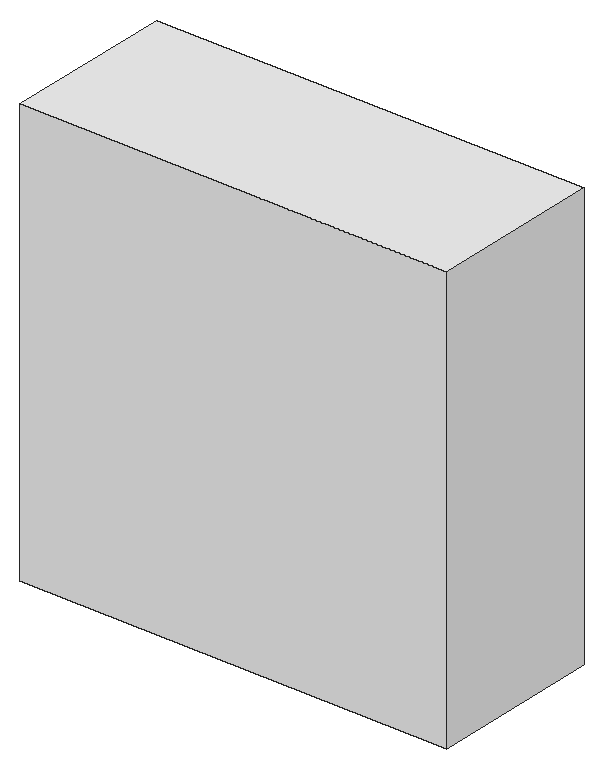
Revit family "47b5d23a47a94e9b80b601367016ffd9", category Casework, host Wall, Revit 2021
Family settings
  Host = Wall
  OmniClass Number = 23.40.35.17.47.11
  OmniClass Title = Kitchen Casework
  Seek Item ID = Upper Cabinet-Double Door w Glass-Wall-0000-USA-ENU
  Always vertical = Yes
  Cut with Voids When Loaded = No
  Shared = No
  Room Calculation Point = No
Parameters (values of type "30"")
  Default Elevation = 0' - 0"
  Assembly Code = "C1030410"
  Cabinet Material = none
  Depth = 1' - 0"
  Door/Drawer Material = none
  Handle Material = Cabinets - Handles
  Height = 2' - 6"
  Panel Material = Glass
  Top Of Cabinet = 7' - 0"
  Width = 2' - 6"
Types (6): name | Panel Material | Width
  (no name) | Glass | 2' - 6"
  42" | Glass | 3' - 6"
  36" | Cabinets - Panel/Glass | 3' - 0"
  30" | Glass | 2' - 6"
  33" | Glass | 2' - 9"
  39" | Glass | 3' - 3"
Reference planes (in)
  plane 1: y = 0
  plane 2 "Center": x = 1.17209
  plane 3 "Right": x = 16.17209
  plane 4 "Left": x = -13.82791
  plane 5: z = 54
  plane 6: z = 84
  plane 7 "Front": y = 15
  plane 8: y = 3
  plane 9: z = 69
Forms (in)
  Extrusion 1, solid, material <- "Cabinet Material"
    sketch origin (0, 3, 0) x (1, 0, 0) y (0, 0, 1)
      loop
        line (16.17209, 84) -> (-13.82791, 84) -> (-13.82791, 54) -> (16.17209, 54) -> (16.17209, 84)
      loop
        line (15.42209, 83.25) -> (-13.07791, 83.25) -> (-13.07791, 54.75) -> (15.42209, 54.75) -> (15.42209, 83.25)
    from 0 to -12
  Extrusion 2, solid, material <- "Cabinet Material"
    sketch origin (0, 3, 0) x (1, 0, 0) y (0, 0, 1)
      loop
        line (15.42209, 83.25) -> (-13.07791, 83.25) -> (-13.07791, 54.75) -> (15.42209, 54.75) -> (15.42209, 83.25)
    from 0 to -0.75
  Extrusion 3, solid, material <- "Door/Drawer Material"
    sketch origin (0, 15, 0) x (0, 0, 1) y (1, 0, 0)
      loop
        line (83.25, 15.42209) -> (54.75, 15.42209) -> (54.75, 1.29709) -> (83.25, 1.29709) -> (83.25, 15.42209)
      loop
        line (83.25, -13.07791) -> (83.25, 1.04709) -> (54.75, 1.04709) -> (54.75, -13.07791) -> (83.25, -13.07791)
      loop
        line (56, 14.17209) -> (56, 2.54709) -> (82, 2.54709) -> (82, 14.17209) -> (56, 14.17209)
      loop
        line (82, -11.82791) -> (82, -0.20291) -> (56, -0.20291) -> (56, -11.82791) -> (82, -11.82791)
    from 0.5 to -0.75
  Extrusion 4, solid, material "Glass" <- "Panel Material"
    sketch origin (0, 15, 0) x (0, 0, 1) y (1, 0, 0)
      loop
        line (82, 14.17209) -> (56, 14.17209) -> (56, 2.54709) -> (82, 2.54709) -> (82, 14.17209)
      loop
        line (56, -11.82791) -> (82, -11.82791) -> (82, -0.20291) -> (56, -0.20291) -> (56, -11.82791)
    from -0.5 to -0.25
  Sweep 5, solid, material "Cabinets - Handles" <- "Handle Material"
    path origin (0.17209, 0, 0) x (0, 1, 0) y (0, 0, 1)
      loop
        line (15.5, 60) -> (16, 60)
        arc (16, 60) -> (16.35355, 59.85355) -> (16.5, 59.5) r 0.5
        line (16.5, 59.5) -> (16.5, 56.5)
        arc (16.5, 56.5) -> (16.35355, 56.14645) -> (16, 56) r 0.5
        line (16, 56) -> (15.5, 56)
    profile origin (0.17209, 15.75, 0) x (0, 0, 1) y (1, 0, 0)
      loop
        circle (60, 0) r 0.25
  Sweep 6, solid, material "Cabinets - Handles" <- "Handle Material"
    path origin (2.17209, 0, 0) x (0, 1, 0) y (0, 0, -1)
      loop
        line (15.5, -60) -> (16, -60)
        arc (16, -60) -> (16.35355, -59.85355) -> (16.5, -59.5) r 0.5
        line (16.5, -59.5) -> (16.5, -56.5)
        arc (16.5, -56.5) -> (16.35355, -56.14645) -> (16, -56) r 0.5
        line (16, -56) -> (15.5, -56)
    profile origin (2.17209, 15.75, 0) x (0, 0, -1) y (-1, 0, 0)
      loop
        circle (-60, 0) r 0.25
Cuts and joins
  joined: Extrusion 1, Extrusion 2
Lines and regions (in)
  model lines
    curve 1: line (1.17209, 15, 83.25) -> (1.17209, 15, 54.75)
  symbolic lines, style "Plan Rep - Above"
    curve 2: line (-13.82791, 3, 0) -> (16.17209, 3, 0)
    curve 3: line (-13.82791, 15, 0) -> (-13.82791, 3, 0)
    curve 4: line (16.17209, 15, 0) -> (-13.82791, 15, 0)
    curve 5: line (16.17209, 3, 0) -> (16.17209, 15, 0)
  symbolic lines, style "Elevation Swing"
    curve 6: line (1.29709, 0, 83.25) -> (15.42209, 0, 69)
    curve 7: line (15.42209, 0, 69) -> (1.29709, 0, 54.75)
    curve 8: line (1.04709, 0, 54.75) -> (-13.07791, 0, 69)
    curve 9: line (-13.07791, 0, 69) -> (1.04709, 0, 83.25)
Text (in)
  text "Placement Side" at (0, 40.15149, 123.01588), in view "Right"
  text "Placement Side" at (-51.30616, 23.33035, 0), in view "Floor Line"
  text "Placement Side" at (0, 62.59196, 96.34025), in view "Left"
Dimensions and locks (in)
  equal spacing: plane 4 "Left", plane 2 "Center", plane 3 "Right"
  "Width": plane 4 "Left" to plane 3 "Right"
  "Height": plane 5 to plane 6
  "Depth": plane 8 to plane 7 "Front"
  equal spacing: plane 5, plane 9, plane 6
  "Top Of Cabinet": level to plane 6
  aligned and locked: plane 8 to host wall
  aligned and locked: plane 7 "Front" to Extrusion 1
  aligned and locked: Extrusion 2 sketch curve to Extrusion 1  (x4)
  aligned and locked: Extrusion 3 to Extrusion 4 sketch curve  (x2)
  aligned and locked: Extrusion 4 sketch curve to Extrusion 3  (x4)
  aligned and locked: Extrusion 3 sketch curve to Extrusion 1
Automatic sketch dimensions
  Extrusion 1 sketch curve to plane 4 "Left" = 0' - 0"
  Extrusion 1 sketch curve to plane 3 "Right" = 0' - 0"
  Extrusion 1 sketch curve to plane 5 = 0' - 0"
  Extrusion 1 sketch curve to plane 6 = 0' - 0"
  plane 4 "Left" to Extrusion 1 sketch curve = 0' - 0 3/4"
  Extrusion 1 sketch curve to plane 3 "Right" = 0' - 0 3/4"
  Extrusion 1 sketch curve to plane 5 = 0' - 0 3/4"
  plane 6 to Extrusion 1 sketch curve = 0' - 0 3/4"
  Sweep 5 sketch curve to profile plane = 0' - 0"
  profile plane to Sweep 5 sketch curve = 0' - 0 1/4"
  Sweep 6 sketch curve to profile plane = 0' - 0"
  profile plane to Sweep 6 sketch curve = 0' - 0 1/4"
  curve 4 to plane 4 "Left" = 0' - 0"
  curve 4 to plane 3 "Right" = 0' - 0"
  curve 2 to host wall = 0' - 0"
  curve 4 to plane 7 "Front" = 0' - 0"
  Extrusion 3 sketch curve to plane 5 = 0' - 0 3/4"  (x2)
  Extrusion 3 sketch curve to Extrusion 3 sketch curve = 0' - 1 1/4"  (x3)
  plane 6 to Extrusion 3 sketch curve = 0' - 2"  (x2)
  plane 6 to Extrusion 3 sketch curve = 0' - 0 3/4"
  Extrusion 3 sketch curve to Extrusion 3 sketch curve = 0' - 0"
  Extrusion 3 sketch curve to plane 2 "Center" = 0' - 1 3/8"
  Extrusion 3 sketch curve to plane 2 "Center" = 0' - 0 1/8"
  plane 2 "Center" to Extrusion 3 sketch curve = 0' - 0 1/8"
  plane 2 "Center" to Extrusion 3 sketch curve = 0' - 1 3/8"
  Extrusion 3 sketch curve to plane 3 "Right" = 0' - 2"
  Extrusion 3 sketch curve to plane 3 "Right" = 0' - 0 3/4"
  plane 7 "Front" to Sweep 6 sketch curve = 0' - 0 1/2"  (x2)
  Sweep 6 sketch curve to Sweep 6 sketch curve = 0' - 0 1/2"  (x3)
  Sweep 6 sketch curve to plane 5 = 0' - 6"
  Sweep 6 sketch curve to plane 5 = 0' - 2 1/2"
  plane 7 "Front" to Sweep 5 sketch curve = 0' - 0 1/2"  (x2)
  Sweep 5 sketch curve to Sweep 5 sketch curve = 0' - 0 1/2"  (x3)
  Sweep 5 sketch curve to plane 5 = 0' - 2"
  Sweep 5 sketch curve to Sweep 5 sketch curve = 0' - 3"
  curve 1 to plane 2 "Center" = 0' - 0"
  curve 6 to plane 9 = 0' - 0"
  curve 8 to plane 9 = 0' - 0"
  curve 9 to plane 2 "Center" = 0' - 0 1/8"
  plane 6 to curve 9 = 0' - 0 3/4"
  plane 2 "Center" to curve 6 = 0' - 0 1/8"
  curve 6 to curve 9 = 0' - 0"
  curve 1 to curve 9 = 0' - 0"
  curve 8 to plane 2 "Center" = 0' - 0 1/8"
  curve 8 to plane 5 = 0' - 0 3/4"
  curve 1 to curve 8 = 0' - 0"
  plane 2 "Center" to curve 7 = 0' - 0 1/8"
  curve 7 to curve 1 = 0' - 0"
  plane 4 "Left" to curve 8 = 0' - 0 3/4"
  curve 6 to plane 3 "Right" = 0' - 0 3/4"
  Extrusion 4 sketch curve to plane 5 = 0' - 2"
  plane 6 to Extrusion 4 sketch curve = 0' - 2"
